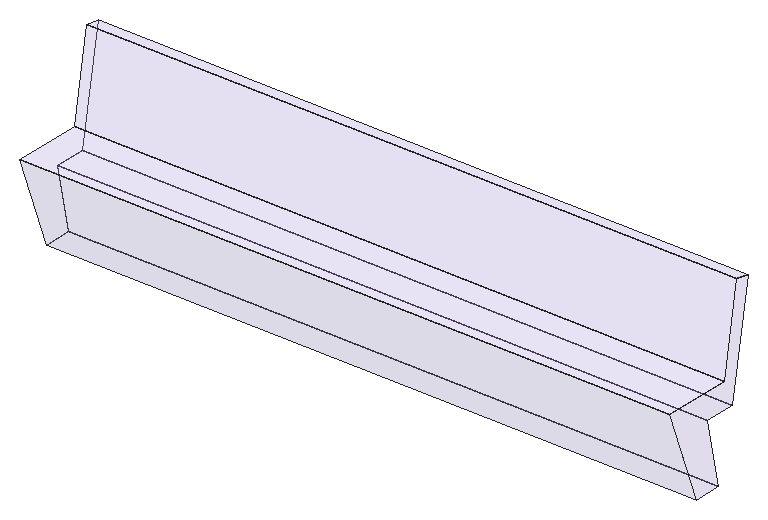
Revit family
Parameters
  seduta = 172.8 mm
  larghezza_schienale = 55 mm
  altezza_schienale = 332 mm
  altezza_piano = 350 mm
  Default Elevation = 1219.2 mm
  ANgolo = 10.00°
Reference planes
  plane 1: z = 0
  plane 2 "Centro (Sinistra/Destra)": x = 0
  plane 3: x = -1228.105
  plane 4: x = 1583.302
  plane 5: y = -2700
  plane 6: y = 2322.032
  plane 7: through (4267.2, 77.527, 386.33) normal (0, -0.9848, 0.1736)
  plane 8: z = 400
  plane 9: through (4267.2, -400, 400) normal (0, 0.9397, 0.342)
  plane 10: z = -350
  plane 11: through (4267.2, 118.133, 299.888) normal (0, 0.9848, -0.1736)
  plane 12: through (4267.2, -88.243, 354.355) normal (0, 0.1736, 0.9848)
  plane 13: z = -100
  plane 14: z = 0
  plane 15: through (4267.2, 67.075, 326.968) normal (0, -0.1736, -0.9848)
  plane 16: through (4267.2, -37.114, -263.916) normal (0, -0.1736, -0.9848)
Forms (mm)
  Extrusion 1, solid
    sketch origin (0, 0, 0) x (0, 1, 0) y (0, 0, 1)
      loop
        line (9.406, 0) -> (-254.412, 0) -> (-127.022, -350) -> (-20.605, -350) -> (-73.133, -100) -> (47.622, -100) -> (121.225, 317.42) -> (67.06, 326.971) -> (9.406, 0)
    from 0 to 2500
Dimensions and locks
  "larghezza_schienale": plane 7 to plane 11
  "altezza_piano": level to plane 10
  aligned and locked: plane 7 to Extrusion 1
  aligned and locked: Extrusion 1 to plane 9  (x2)
  aligned and locked: plane 12 to Extrusion 1
  aligned and locked: plane 11 to Extrusion 1
  aligned and locked: plane 10 to Extrusion 1
  aligned and locked: level to Extrusion 1
  aligned and locked: plane 13 to Extrusion 1
  aligned and locked: plane 14 to Extrusion 1
  aligned and locked: plane 15 to Extrusion 1
Automatic sketch dimensions
  Extrusion 1 sketch curve to level = 0 mm
  Extrusion 1 sketch curve to plane 9 = 0 mm  (x2)
  Extrusion 1 sketch curve to plane 10 = 0 mm
  Extrusion 1 sketch curve to plane 13 = 0 mm
  Extrusion 1 sketch curve to plane 7 = 0 mm  (x2)
  Extrusion 1 sketch curve to plane 12 = 0 mm
  Extrusion 1 sketch curve to plane 11 = 0 mm
  Extrusion 1 sketch curve to Extrusion 1 sketch curve = 53.89 mm
  Extrusion 1 sketch curve to Extrusion 1 sketch curve = 106.418 mm
